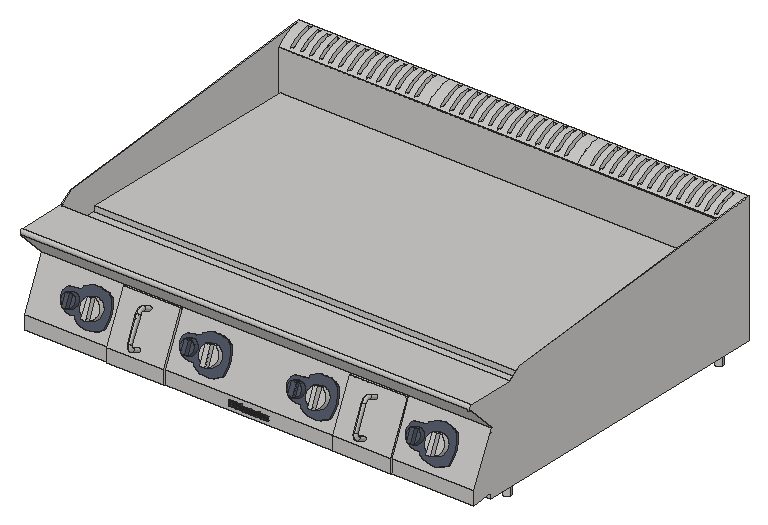
Revit family "QF_ELECTROLUXPROFESSIONAL_391405_E9IIMDAOMIA", category Specialty Equipment, Revit 2018 (continued)
Automatic sketch dimensions
  curve 144 to curve 143 = 0 mm
  curve 80 to curve 76 = 0 mm
  curve 139 to plane 13 = 18.089 mm
  curve 84 to plane 13 = 18.089 mm
  curve 136 to curve 135 = 0 mm
  curve 88 to curve 84 = 0 mm
  curve 132 to curve 131 = 0 mm
  curve 92 to curve 88 = 0 mm
  curve 128 to curve 127 = 0 mm
  curve 96 to curve 92 = 0 mm
  curve 124 to curve 123 = 0 mm
  curve 100 to curve 96 = 0 mm
  curve 120 to curve 119 = 0 mm
  curve 104 to curve 100 = 0 mm
  curve 116 to curve 115 = 0 mm
  curve 108 to curve 104 = 0 mm
  plane 1 "BACK" to curve 110 = 6.761 mm
  plane 1 "BACK" to curve 113 = 6.761 mm
  plane 1 "BACK" to curve 103 = 6.761 mm
  plane 1 "BACK" to curve 99 = 6.761 mm
  plane 1 "BACK" to curve 125 = 6.761 mm
  plane 1 "BACK" to curve 95 = 6.761 mm
  plane 1 "BACK" to curve 91 = 6.761 mm
  plane 1 "BACK" to curve 87 = 6.761 mm
  plane 1 "BACK" to curve 145 = 6.761 mm
  plane 1 "BACK" to curve 67 = 6.761 mm
  plane 1 "BACK" to curve 157 = 6.761 mm
  plane 1 "BACK" to curve 63 = 6.761 mm
  plane 1 "BACK" to curve 59 = 6.761 mm
  plane 1 "BACK" to curve 165 = 6.761 mm
  plane 1 "BACK" to curve 169 = 6.761 mm
  plane 1 "BACK" to curve 51 = 6.761 mm
  plane 1 "BACK" to curve 47 = 6.761 mm
  plane 1 "BACK" to curve 181 = 6.761 mm
  plane 1 "BACK" to curve 39 = 6.761 mm
  plane 1 "BACK" to curve 185 = 6.761 mm
  plane 1 "BACK" to curve 31 = 6.761 mm
  curve 197 to plane 1 "BACK" = 100 mm
  Extrusion 1 sketch curve to plane 12 = 0 mm
  Extrusion 1 sketch curve to plane 9 = 0 mm
  Extrusion 1 sketch curve to plane 1 "BACK" = 0 mm
  plane 14 to Extrusion 1 sketch curve = 5 mm
  Extrusion 1 sketch curve to Extrusion 1 sketch curve = 62.044 mm
  Extrusion 1 sketch curve to plane 5 "FRONT" = 69.972 mm
  Extrusion 1 sketch curve to plane 5 "FRONT" = 15 mm
  Extrusion 1 sketch curve to plane 5 "FRONT" = 7.361 mm
  Extrusion 1 sketch curve to plane 5 "FRONT" = 2.156 mm
  plane 9 to Extrusion 1 sketch curve = 6.922 mm
  Extrusion 1 sketch curve to Extrusion 1 sketch curve = 12.7 mm
  Extrusion 1 sketch curve to Extrusion 1 sketch curve = 34.792 mm
  Extrusion 1 sketch curve to plane 12 = 83.366 mm
  Extrusion 1 sketch curve to plane 12 = 60 mm
  Extrusion 1 sketch curve to plane 12 = 12.566 mm
  Extrusion 2 sketch curve to plane 11 = 0 mm  (x2)
  Extrusion 2 sketch curve to plane 10 = 0 mm  (x2)
  plane 14 to Extrusion 2 sketch curve = 0 mm  (x2)
  plane 13 to Extrusion 2 sketch curve = 0 mm  (x2)
  plane 9 to Extrusion 3 sketch curve = 11.563 mm
  plane 9 to Extrusion 3 sketch curve = 16.604 mm
  plane 7 "Center Y" to Extrusion 3 sketch curve = 4.232 mm
  Extrusion 3 sketch curve to Extrusion 3 sketch curve = 5.06 mm
  Extrusion 3 sketch curve to Extrusion 3 sketch curve = 0 mm  (x28)
  Extrusion 3 sketch curve to Extrusion 3 sketch curve = 5.108 mm  (x2)
  Extrusion 3 sketch curve to Extrusion 3 sketch curve = 0.054 mm
  Extrusion 3 sketch curve to Extrusion 3 sketch curve = 0.218 mm
  Extrusion 3 sketch curve to Extrusion 3 sketch curve = 0.195 mm
  Extrusion 3 sketch curve to Extrusion 3 sketch curve = 0.249 mm
  plane 9 to Extrusion 3 sketch curve = 16.921 mm
  Extrusion 3 sketch curve to Extrusion 3 sketch curve = 0.087 mm
  Extrusion 3 sketch curve to Extrusion 3 sketch curve = 0.358 mm
  Extrusion 3 sketch curve to Extrusion 3 sketch curve = 0.481 mm
  Extrusion 3 sketch curve to Extrusion 3 sketch curve = 0.597 mm
  Extrusion 3 sketch curve to Extrusion 3 sketch curve = 0.544 mm
  Extrusion 3 sketch curve to Extrusion 3 sketch curve = 0.936 mm
  Extrusion 3 sketch curve to Extrusion 3 sketch curve = 0.594 mm
  Extrusion 3 sketch curve to Extrusion 3 sketch curve = 0.343 mm
  Extrusion 3 sketch curve to Extrusion 3 sketch curve = 0.159 mm
  Extrusion 3 sketch curve to Extrusion 3 sketch curve = 0.826 mm
  Extrusion 3 sketch curve to Extrusion 3 sketch curve = 0.839 mm
  Extrusion 3 sketch curve to Extrusion 3 sketch curve = 0.852 mm
  Extrusion 3 sketch curve to Extrusion 3 sketch curve = 0.887 mm
  Extrusion 3 sketch curve to Extrusion 3 sketch curve = 0.928 mm
  Extrusion 3 sketch curve to Extrusion 3 sketch curve = 0.938 mm
  Extrusion 3 sketch curve to Extrusion 3 sketch curve = 0.444 mm
  Extrusion 3 sketch curve to Extrusion 3 sketch curve = 1.11 mm  (x3)
  Extrusion 3 sketch curve to Extrusion 3 sketch curve = 0.215 mm
  Extrusion 3 sketch curve to plane 7 "Center Y" = 1.405 mm
  Extrusion 3 sketch curve to Extrusion 3 sketch curve = 1.43 mm
  Extrusion 3 sketch curve to Extrusion 3 sketch curve = 1.188 mm
  Extrusion 3 sketch curve to Extrusion 3 sketch curve = 1.21 mm  (x2)
  Extrusion 3 sketch curve to Extrusion 3 sketch curve = 0.503 mm
  Extrusion 3 sketch curve to Extrusion 3 sketch curve = 0.488 mm
  Extrusion 3 sketch curve to Extrusion 3 sketch curve = 0.462 mm
  Extrusion 3 sketch curve to Extrusion 3 sketch curve = 1.386 mm
  Extrusion 3 sketch curve to Extrusion 3 sketch curve = 1.742 mm  (x2)
  Extrusion 3 sketch curve to Extrusion 3 sketch curve = 0.821 mm
  Extrusion 3 sketch curve to Extrusion 3 sketch curve = 0.497 mm
  Extrusion 3 sketch curve to Extrusion 3 sketch curve = 0.539 mm
  Extrusion 3 sketch curve to Extrusion 3 sketch curve = 0.199 mm
  Extrusion 3 sketch curve to Extrusion 3 sketch curve = 0.408 mm
  Extrusion 3 sketch curve to Extrusion 3 sketch curve = 0.528 mm
  Extrusion 3 sketch curve to Extrusion 3 sketch curve = 1.16 mm
  Extrusion 3 sketch curve to Extrusion 3 sketch curve = 0.329 mm
  Extrusion 3 sketch curve to Extrusion 3 sketch curve = 1.054 mm
  Extrusion 3 sketch curve to Extrusion 3 sketch curve = 1.056 mm
  Extrusion 3 sketch curve to Extrusion 3 sketch curve = 0.129 mm
  Extrusion 3 sketch curve to Extrusion 3 sketch curve = 0.489 mm
  Extrusion 3 sketch curve to Extrusion 3 sketch curve = 0.441 mm
  Extrusion 3 sketch curve to Extrusion 3 sketch curve = 1.151 mm
  Extrusion 3 sketch curve to Extrusion 3 sketch curve = 1.141 mm  (x2)
  Extrusion 3 sketch curve to Extrusion 3 sketch curve = 1.23 mm
  Extrusion 3 sketch curve to Extrusion 3 sketch curve = 1.653 mm
  Extrusion 3 sketch curve to Extrusion 3 sketch curve = 0.499 mm
  Extrusion 3 sketch curve to Extrusion 3 sketch curve = 0.964 mm
  Extrusion 3 sketch curve to Extrusion 3 sketch curve = 0.949 mm
  Extrusion 3 sketch curve to Extrusion 3 sketch curve = 1.345 mm  (x2)
  Extrusion 3 sketch curve to Extrusion 3 sketch curve = 0.137 mm  (x2)
  Extrusion 3 sketch curve to Extrusion 3 sketch curve = 0.432 mm
  Extrusion 3 sketch curve to Extrusion 3 sketch curve = 1.142 mm
  Extrusion 3 sketch curve to Extrusion 3 sketch curve = 0.959 mm
  Extrusion 3 sketch curve to Extrusion 3 sketch curve = 0.176 mm
  Extrusion 3 sketch curve to Extrusion 3 sketch curve = 0.728 mm
  Extrusion 3 sketch curve to Extrusion 3 sketch curve = 3.375 mm  (x2)
  Extrusion 3 sketch curve to Extrusion 3 sketch curve = 0.541 mm
  Extrusion 3 sketch curve to Extrusion 3 sketch curve = 0.955 mm
  Extrusion 3 sketch curve to Extrusion 3 sketch curve = 1.251 mm
  Extrusion 3 sketch curve to Extrusion 3 sketch curve = 0.572 mm
  Extrusion 3 sketch curve to Extrusion 3 sketch curve = 1.92 mm
  Extrusion 3 sketch curve to Extrusion 3 sketch curve = 1.224 mm
  Extrusion 3 sketch curve to Extrusion 3 sketch curve = 0.745 mm
  Extrusion 3 sketch curve to Extrusion 3 sketch curve = 2.537 mm
  Extrusion 3 sketch curve to Extrusion 3 sketch curve = 0.896 mm  (x3)
  Extrusion 3 sketch curve to Extrusion 3 sketch curve = 0.036 mm
  Extrusion 3 sketch curve to Extrusion 3 sketch curve = 2.607 mm
  Extrusion 3 sketch curve to Extrusion 3 sketch curve = 0.066 mm
  Extrusion 3 sketch curve to Extrusion 3 sketch curve = 0.248 mm
  Extrusion 3 sketch curve to Extrusion 3 sketch curve = 0.449 mm
  Extrusion 3 sketch curve to Extrusion 3 sketch curve = 1.052 mm
  Extrusion 3 sketch curve to Extrusion 3 sketch curve = 1.863 mm
  Extrusion 3 sketch curve to Extrusion 3 sketch curve = 1.31 mm  (x2)
  Extrusion 3 sketch curve to Extrusion 3 sketch curve = 0.901 mm
  Extrusion 3 sketch curve to Extrusion 3 sketch curve = 1.107 mm
  Extrusion 3 sketch curve to Extrusion 3 sketch curve = 2.122 mm
  Extrusion 3 sketch curve to Extrusion 3 sketch curve = 2.101 mm
  Extrusion 3 sketch curve to Extrusion 3 sketch curve = 0.106 mm
  Extrusion 3 sketch curve to Extrusion 3 sketch curve = 0.029 mm
  Extrusion 3 sketch curve to Extrusion 3 sketch curve = 2.09 mm
  Extrusion 3 sketch curve to Extrusion 3 sketch curve = 1.279 mm
  Extrusion 3 sketch curve to Extrusion 3 sketch curve = 2.008 mm
  Extrusion 3 sketch curve to Extrusion 3 sketch curve = 0.738 mm
  Extrusion 3 sketch curve to Extrusion 3 sketch curve = 0.382 mm
  Extrusion 3 sketch curve to Extrusion 3 sketch curve = 0.384 mm
  Extrusion 3 sketch curve to Extrusion 3 sketch curve = 0.002 mm
  Extrusion 3 sketch curve to Extrusion 3 sketch curve = 0.561 mm
  Extrusion 3 sketch curve to Extrusion 3 sketch curve = 0.592 mm
  Extrusion 3 sketch curve to Extrusion 3 sketch curve = 2.692 mm
  Extrusion 3 sketch curve to Extrusion 3 sketch curve = 1.259 mm
  Extrusion 3 sketch curve to Extrusion 3 sketch curve = 0.802 mm
  Extrusion 3 sketch curve to Extrusion 3 sketch curve = 1.024 mm
  Extrusion 3 sketch curve to Extrusion 3 sketch curve = 0.682 mm
  Extrusion 3 sketch curve to Extrusion 3 sketch curve = 5.934 mm
  Extrusion 3 sketch curve to Extrusion 3 sketch curve = 2.186 mm
  Extrusion 3 sketch curve to Extrusion 3 sketch curve = 0.337 mm
  Extrusion 3 sketch curve to Extrusion 3 sketch curve = 0.021 mm
  Extrusion 3 sketch curve to Extrusion 3 sketch curve = 1.005 mm
  Extrusion 3 sketch curve to Extrusion 3 sketch curve = 0.552 mm
  Extrusion 3 sketch curve to Extrusion 3 sketch curve = 0.778 mm
  Extrusion 3 sketch curve to Extrusion 3 sketch curve = 0.063 mm
  Extrusion 3 sketch curve to Extrusion 3 sketch curve = 1.023 mm
  Extrusion 3 sketch curve to Extrusion 3 sketch curve = 3.804 mm
  Extrusion 3 sketch curve to Extrusion 3 sketch curve = 0.486 mm
  Extrusion 3 sketch curve to Extrusion 3 sketch curve = 0.266 mm  (x2)
  Extrusion 3 sketch curve to Extrusion 3 sketch curve = 1.547 mm
  Extrusion 3 sketch curve to Extrusion 3 sketch curve = 0.717 mm  (x2)
  Extrusion 3 sketch curve to Extrusion 3 sketch curve = 1.667 mm
  Extrusion 3 sketch curve to Extrusion 3 sketch curve = 3.174 mm
  Extrusion 3 sketch curve to Extrusion 3 sketch curve = 0.388 mm
  Extrusion 3 sketch curve to Extrusion 3 sketch curve = 1.342 mm
  Extrusion 3 sketch curve to Extrusion 3 sketch curve = 1.521 mm
  Extrusion 3 sketch curve to Extrusion 3 sketch curve = 0.124 mm
  Extrusion 3 sketch curve to Extrusion 3 sketch curve = 0.291 mm
  plane 7 "Center Y" to Extrusion 3 sketch curve = 5.548 mm
  Extrusion 3 sketch curve to Extrusion 3 sketch curve = 1.049 mm  (x2)
  Extrusion 3 sketch curve to Extrusion 3 sketch curve = 1.7 mm
  Extrusion 3 sketch curve to Extrusion 3 sketch curve = 0.894 mm
  Extrusion 3 sketch curve to Extrusion 3 sketch curve = 0.989 mm
  Extrusion 3 sketch curve to Extrusion 3 sketch curve = 1.168 mm
  Extrusion 3 sketch curve to Extrusion 3 sketch curve = 1.594 mm
  Extrusion 3 sketch curve to Extrusion 3 sketch curve = 0.731 mm
  Extrusion 3 sketch curve to Extrusion 3 sketch curve = 1.566 mm
  Extrusion 3 sketch curve to Extrusion 3 sketch curve = 0.064 mm
  plane 7 "Center Y" to Extrusion 3 sketch curve = 6.105 mm
  Extrusion 3 sketch curve to Extrusion 3 sketch curve = 0.556 mm  (x2)
  Extrusion 3 sketch curve to Extrusion 3 sketch curve = 0.48 mm
  Extrusion 3 sketch curve to Extrusion 3 sketch curve = 0.228 mm
  Extrusion 3 sketch curve to Extrusion 3 sketch curve = 1.018 mm
  Extrusion 3 sketch curve to Extrusion 3 sketch curve = 0.787 mm
  Extrusion 3 sketch curve to Extrusion 3 sketch curve = 0.618 mm
  Extrusion 3 sketch curve to Extrusion 3 sketch curve = 1.672 mm
  Extrusion 3 sketch curve to Extrusion 3 sketch curve = 1.361 mm
  Extrusion 3 sketch curve to Extrusion 3 sketch curve = 0.822 mm
  Extrusion 3 sketch curve to Extrusion 3 sketch curve = 0.069 mm
  Extrusion 3 sketch curve to Extrusion 3 sketch curve = 1.88 mm
  Extrusion 3 sketch curve to Extrusion 3 sketch curve = 0.42 mm
  Extrusion 3 sketch curve to Extrusion 3 sketch curve = 0.062 mm
  Extrusion 3 sketch curve to Extrusion 3 sketch curve = 1.355 mm
  Extrusion 3 sketch curve to Extrusion 3 sketch curve = 2.34 mm
  Extrusion 3 sketch curve to Extrusion 3 sketch curve = 0.493 mm
  Extrusion 3 sketch curve to Extrusion 3 sketch curve = 0.136 mm
  Extrusion 3 sketch curve to Extrusion 3 sketch curve = 0.128 mm
  Extrusion 3 sketch curve to Extrusion 3 sketch curve = 3.616 mm
  Extrusion 3 sketch curve to Extrusion 3 sketch curve = 4.207 mm
  Extrusion 3 sketch curve to Extrusion 3 sketch curve = 0.183 mm
  Extrusion 3 sketch curve to Extrusion 3 sketch curve = 0.895 mm
  Extrusion 3 sketch curve to Extrusion 3 sketch curve = 1.314 mm
  Extrusion 3 sketch curve to Extrusion 3 sketch curve = 3.231 mm
  Extrusion 3 sketch curve to Extrusion 3 sketch curve = 1.299 mm
  Extrusion 3 sketch curve to Extrusion 3 sketch curve = 1.214 mm
  Extrusion 3 sketch curve to Extrusion 3 sketch curve = 1.264 mm
  Extrusion 3 sketch curve to Extrusion 3 sketch curve = 0.109 mm
  Extrusion 3 sketch curve to Extrusion 3 sketch curve = 0.357 mm
  Extrusion 3 sketch curve to Extrusion 3 sketch curve = 0.565 mm
  Extrusion 3 sketch curve to Extrusion 3 sketch curve = 2.504 mm
  Extrusion 3 sketch curve to Extrusion 3 sketch curve = 2.459 mm
  Extrusion 3 sketch curve to Extrusion 3 sketch curve = 1.322 mm
  Extrusion 3 sketch curve to Extrusion 3 sketch curve = 2.77 mm
  Extrusion 3 sketch curve to Extrusion 3 sketch curve = 2.51 mm
  Extrusion 3 sketch curve to Extrusion 3 sketch curve = 0.187 mm
  Extrusion 3 sketch curve to Extrusion 3 sketch curve = 2.559 mm
  Extrusion 3 sketch curve to Extrusion 3 sketch curve = 1.556 mm
  Extrusion 3 sketch curve to Extrusion 3 sketch curve = 0.222 mm
  Extrusion 3 sketch curve to Extrusion 3 sketch curve = 1.383 mm
  Extrusion 3 sketch curve to Extrusion 3 sketch curve = 3.114 mm
  Extrusion 3 sketch curve to Extrusion 3 sketch curve = 3.376 mm
  Extrusion 3 sketch curve to Extrusion 3 sketch curve = 0.934 mm
  Extrusion 3 sketch curve to Extrusion 3 sketch curve = 0.191 mm
  Extrusion 3 sketch curve to Extrusion 3 sketch curve = 3.696 mm
  Extrusion 3 sketch curve to Extrusion 3 sketch curve = 2.708 mm
  Extrusion 3 sketch curve to Extrusion 3 sketch curve = 3.333 mm
  Extrusion 3 sketch curve to Extrusion 3 sketch curve = 0.332 mm
  Extrusion 3 sketch curve to Extrusion 3 sketch curve = 1.087 mm
  Extrusion 3 sketch curve to Extrusion 3 sketch curve = 2.23 mm
  Extrusion 3 sketch curve to Extrusion 3 sketch curve = 2.757 mm
  Extrusion 3 sketch curve to Extrusion 3 sketch curve = 0.987 mm
  Extrusion 3 sketch curve to Extrusion 3 sketch curve = 1.529 mm
  Extrusion 3 sketch curve to Extrusion 3 sketch curve = 1.796 mm
  Extrusion 3 sketch curve to Extrusion 3 sketch curve = 2.859 mm
  Extrusion 3 sketch curve to Extrusion 3 sketch curve = 0.853 mm
  Extrusion 3 sketch curve to Extrusion 3 sketch curve = 1.241 mm
  Extrusion 3 sketch curve to Extrusion 3 sketch curve = 2.046 mm  (x2)
  Extrusion 3 sketch curve to Extrusion 3 sketch curve = 2.422 mm
  Extrusion 3 sketch curve to Extrusion 3 sketch curve = 0.27 mm  (x2)
  Extrusion 3 sketch curve to Extrusion 3 sketch curve = 0.69 mm
  Extrusion 3 sketch curve to Extrusion 3 sketch curve = 0.781 mm  (x2)
  Extrusion 3 sketch curve to Extrusion 3 sketch curve = 3.136 mm
  Extrusion 3 sketch curve to Extrusion 3 sketch curve = 1.767 mm
  Extrusion 3 sketch curve to Extrusion 3 sketch curve = 0.138 mm
  Extrusion 3 sketch curve to Extrusion 3 sketch curve = 0.777 mm
  Extrusion 3 sketch curve to Extrusion 3 sketch curve = 1.19 mm
  Extrusion 3 sketch curve to Extrusion 3 sketch curve = 0.782 mm
  Extrusion 3 sketch curve to Extrusion 3 sketch curve = 1.268 mm
  Extrusion 3 sketch curve to Extrusion 3 sketch curve = 0.422 mm  (x2)
  Extrusion 3 sketch curve to Extrusion 3 sketch curve = 1.559 mm
  Extrusion 3 sketch curve to Extrusion 3 sketch curve = 3.927 mm
  Extrusion 3 sketch curve to Extrusion 3 sketch curve = 0.983 mm
  Extrusion 3 sketch curve to Extrusion 3 sketch curve = 1.134 mm
  Extrusion 3 sketch curve to Extrusion 3 sketch curve = 0.094 mm
  Extrusion 3 sketch curve to Extrusion 3 sketch curve = 1.584 mm
  Extrusion 3 sketch curve to plane 7 "Center Y" = 1.098 mm
  Extrusion 3 sketch curve to Extrusion 3 sketch curve = 0.643 mm
  Extrusion 3 sketch curve to Extrusion 3 sketch curve = 0.916 mm
  Extrusion 3 sketch curve to Extrusion 3 sketch curve = 0.352 mm
  Extrusion 3 sketch curve to Extrusion 3 sketch curve = 0.458 mm
  Extrusion 3 sketch curve to Extrusion 3 sketch curve = 1.282 mm
  Extrusion 3 sketch curve to Extrusion 3 sketch curve = 1.363 mm
  Extrusion 3 sketch curve to Extrusion 3 sketch curve = 0.685 mm
  Extrusion 3 sketch curve to Extrusion 3 sketch curve = 0.905 mm
  Extrusion 3 sketch curve to Extrusion 3 sketch curve = 2.865 mm
  Extrusion 3 sketch curve to Extrusion 3 sketch curve = 0.472 mm
  Extrusion 3 sketch curve to Extrusion 3 sketch curve = 0.101 mm
  Extrusion 3 sketch curve to Extrusion 3 sketch curve = 0.54 mm
  Extrusion 3 sketch curve to Extrusion 3 sketch curve = 0.02 mm
  Extrusion 3 sketch curve to Extrusion 3 sketch curve = 0.468 mm
  Extrusion 3 sketch curve to Extrusion 3 sketch curve = 0.829 mm
  Extrusion 3 sketch curve to Extrusion 3 sketch curve = 0.582 mm
  Extrusion 3 sketch curve to Extrusion 3 sketch curve = 0.166 mm
  Extrusion 3 sketch curve to Extrusion 3 sketch curve = 0.16 mm
  Extrusion 3 sketch curve to Extrusion 3 sketch curve = 2.781 mm
  Extrusion 3 sketch curve to Extrusion 3 sketch curve = 1.118 mm
  Extrusion 3 sketch curve to Extrusion 3 sketch curve = 0.613 mm
  Extrusion 3 sketch curve to Extrusion 3 sketch curve = 0.361 mm
  Extrusion 3 sketch curve to Extrusion 3 sketch curve = 0.897 mm
  Extrusion 3 sketch curve to Extrusion 3 sketch curve = 0.167 mm
  Extrusion 3 sketch curve to Extrusion 3 sketch curve = 0.292 mm
  Extrusion 3 sketch curve to Extrusion 3 sketch curve = 0.305 mm
  Extrusion 3 sketch curve to Extrusion 3 sketch curve = 1.557 mm
  Extrusion 3 sketch curve to Extrusion 3 sketch curve = 2.499 mm
  Extrusion 3 sketch curve to Extrusion 3 sketch curve = 3.062 mm
  Extrusion 3 sketch curve to Extrusion 3 sketch curve = 2.968 mm
  Extrusion 3 sketch curve to Extrusion 3 sketch curve = 5.044 mm
  Extrusion 3 sketch curve to Extrusion 3 sketch curve = 0.629 mm  (x2)
  Extrusion 3 sketch curve to Extrusion 3 sketch curve = 1.131 mm
  Extrusion 3 sketch curve to Extrusion 3 sketch curve = 0.027 mm
  Extrusion 3 sketch curve to Extrusion 3 sketch curve = 2.235 mm
  Extrusion 4 sketch curve to plane 12 = 0 mm
  Extrusion 4 sketch curve to plane 1 "BACK" = 0 mm
  Extrusion 4 sketch curve to plane 6 "TOP" = 0 mm
  Extrusion 4 sketch curve to plane 18 = 21.596 mm
  plane 14 to Extrusion 4 sketch curve = 5 mm
  Extrusion 4 sketch curve to plane 12 = 60 mm
  plane 12 to Extrusion 4 sketch curve = 21.916 mm
  Extrusion 5 sketch curve to plane 1 "BACK" = 0 mm
  Extrusion 5 sketch curve to plane 12 = 0 mm
  Extrusion 5 sketch curve to plane 6 "TOP" = 0 mm
  Extrusion 5 sketch curve to plane 18 = 21.596 mm
  plane 14 to Extrusion 5 sketch curve = 5 mm
  Extrusion 5 sketch curve to plane 12 = 60 mm
  plane 12 to Extrusion 5 sketch curve = 21.916 mm
  Extrusion 6 sketch curve to plane 1 "BACK" = 0 mm
  Extrusion 6 sketch curve to plane 6 "TOP" = 0 mm
  Extrusion 6 sketch curve to plane 13 = 12.15 mm
  Extrusion 6 sketch curve to plane 1 "BACK" = 5.211 mm
  Extrusion 6 sketch curve to plane 6 "TOP" = 31.7 mm
  plane 1 "BACK" to Extrusion 7 sketch curve = 6.761 mm  (x14)
  Extrusion 7 sketch curve to plane 13 = 18.089 mm  (x7)
  Extrusion 7 sketch curve to Extrusion 7 sketch curve = 0 mm  (x7)
  Extrusion 7 sketch curve to plane 11 = 18.703 mm
  Extrusion 7 sketch curve to Extrusion 7 sketch curve = 9.296 mm  (x14)
  Extrusion 7 sketch curve to Extrusion 7 sketch curve = 16.193 mm  (x13)
  Extrusion 8 sketch curve to plane 1 "BACK" = 0 mm
  Extrusion 8 sketch curve to plane 6 "TOP" = 0 mm
  Extrusion 8 sketch curve to plane 13 = 12.15 mm
  Extrusion 8 sketch curve to plane 1 "BACK" = 5.211 mm
  Extrusion 8 sketch curve to plane 6 "TOP" = 31.7 mm
  plane 1 "BACK" to Extrusion 9 sketch curve = 6.761 mm  (x14)
  Extrusion 9 sketch curve to plane 13 = 18.089 mm  (x7)
  Extrusion 9 sketch curve to plane 7 "Center Y" = 8.021 mm
  Extrusion 9 sketch curve to Extrusion 9 sketch curve = 0 mm  (x7)
  Extrusion 9 sketch curve to Extrusion 9 sketch curve = 9.296 mm  (x14)
  Extrusion 9 sketch curve to Extrusion 9 sketch curve = 16.193 mm  (x12)
  plane 7 "Center Y" to Extrusion 9 sketch curve = 8.171 mm
  Extrusion 10 sketch curve to plane 1 "BACK" = 0 mm
  Extrusion 10 sketch curve to plane 6 "TOP" = 0 mm
  Extrusion 10 sketch curve to plane 13 = 12.15 mm
  Extrusion 10 sketch curve to plane 1 "BACK" = 5.211 mm
  Extrusion 10 sketch curve to plane 6 "TOP" = 31.7 mm
  plane 1 "BACK" to Extrusion 11 sketch curve = 6.761 mm  (x14)
  Extrusion 11 sketch curve to plane 13 = 18.089 mm  (x7)
  Extrusion 11 sketch curve to Extrusion 11 sketch curve = 0 mm  (x7)
  plane 7 "Center Y" to Extrusion 11 sketch curve = 229.803 mm
  Extrusion 11 sketch curve to Extrusion 11 sketch curve = 9.296 mm  (x14)
  Extrusion 11 sketch curve to Extrusion 11 sketch curve = 16.193 mm  (x13)
  plane 18 to Extrusion 12 sketch curve = 50.044 mm
  Extrusion 12 sketch curve to plane 13 = 10.485 mm
  Extrusion 12 sketch curve to plane 12 = 60 mm
  Extrusion 12 sketch curve to Extrusion 12 sketch curve = 15 mm
  Extrusion 1 to Extrusion 13 sketch curve = 0 mm
  Extrusion 1 to Extrusion 13 sketch curve = 1.6 mm  (x2)
  Extrusion 1 to Extrusion 13 sketch curve = 71.515 mm
  Extrusion 14 sketch curve to plane 5 "FRONT" = 11.8 mm
  Extrusion 14 sketch curve to Extrusion 14 sketch curve = 3.2 mm
  Extrusion 14 sketch curve to plane 5 "FRONT" = 68.449 mm
  Extrusion 14 sketch curve to Extrusion 14 sketch curve = 2.907 mm
  plane 9 to Extrusion 14 sketch curve = 6.922 mm
  Extrusion 14 sketch curve to Extrusion 14 sketch curve = 34.792 mm
  Extrusion 14 sketch curve to Extrusion 14 sketch curve = 0.701 mm
  plane 9 to Extrusion 15 sketch curve = 6.922 mm
  plane 17 to Extrusion 15 sketch curve = 24.406 mm
  plane 17 to Extrusion 15 sketch curve = 81.055 mm
  Extrusion 15 sketch curve to plane 5 "FRONT" = 11.8 mm
  Extrusion 15 sketch curve to plane 5 "FRONT" = 68.449 mm
  Extrusion 15 sketch curve to Extrusion 15 sketch curve = 35.493 mm  (x2)
  Extrusion 15 sketch curve to plane 12 = 85.504 mm
  Extrusion 16 sketch curve to plane 5 "FRONT" = 11.8 mm
  Extrusion 16 sketch curve to Extrusion 16 sketch curve = 3.2 mm
  Extrusion 16 sketch curve to plane 5 "FRONT" = 68.449 mm
  Extrusion 16 sketch curve to Extrusion 16 sketch curve = 2.907 mm
  Extrusion 16 sketch curve to plane 12 = 85.504 mm
  Extrusion 16 sketch curve to Extrusion 16 sketch curve = 1.338 mm
  plane 9 to Extrusion 16 sketch curve = 6.922 mm
  plane 17 to Extrusion 17 sketch curve = 24.406 mm
  plane 17 to Extrusion 17 sketch curve = 81.055 mm
  Extrusion 17 sketch curve to plane 5 "FRONT" = 11.8 mm
  Extrusion 17 sketch curve to plane 5 "FRONT" = 68.449 mm
  Extrusion 17 sketch curve to plane 12 = 85.504 mm
  plane 9 to Extrusion 17 sketch curve = 42.415 mm  (x2)
  plane 9 to Extrusion 17 sketch curve = 6.922 mm
  Extrusion 18 sketch curve to Extrusion 18 sketch curve = 0 mm  (x2)
  Extrusion 18 sketch curve to plane 7 "Center Y" = 150.643 mm
  Extrusion 18 sketch curve to Extrusion 18 sketch curve = 112.63 mm
  Extrusion 18 sketch curve to Extrusion 18 sketch curve = 1.398 mm
  Extrusion 18 sketch curve to Extrusion 18 sketch curve = 5.918 mm
  Extrusion 18 sketch curve to Extrusion 18 sketch curve = 7.825 mm
  Extrusion 18 sketch curve to Extrusion 18 sketch curve = 12.433 mm
  Extrusion 18 sketch curve to Extrusion 18 sketch curve = 33.329 mm
  Extrusion 18 sketch curve to Extrusion 18 sketch curve = 28.808 mm
  Extrusion 18 sketch curve to Extrusion 18 sketch curve = 2.986 mm
  Extrusion 18 sketch curve to Extrusion 18 sketch curve = 35.441 mm
  Extrusion 18 sketch curve to Extrusion 18 sketch curve = 23.969 mm
  Extrusion 18 sketch curve to Extrusion 18 sketch curve = 31.993 mm
  Extrusion 18 sketch curve to Extrusion 18 sketch curve = 0.131 mm
  Extrusion 18 sketch curve to Extrusion 18 sketch curve = 36.738 mm
  Extrusion 18 sketch curve to Extrusion 18 sketch curve = 6.105 mm
  Extrusion 18 sketch curve to plane 7 "Center Y" = 119.675 mm
  Extrusion 18 sketch curve to Extrusion 18 sketch curve = 0.002 mm
  Extrusion 18 sketch curve to Extrusion 18 sketch curve = 38.412 mm
  Extrusion 18 sketch curve to Extrusion 18 sketch curve = 39.831 mm
  Extrusion 18 sketch curve to Extrusion 18 sketch curve = 6.427 mm
  Extrusion 18 sketch curve to Extrusion 18 sketch curve = 11.842 mm
  Extrusion 20 sketch curve to Extrusion 20 sketch curve = 24.732 mm
  Extrusion 20 sketch curve to Extrusion 20 sketch curve = 0 mm
  Extrusion 22 sketch curve to Extrusion 22 sketch curve = 0 mm
  Extrusion 22 sketch curve to Extrusion 22 sketch curve = 7.232 mm  (x3)
  Extrusion 22 sketch curve to Extrusion 22 sketch curve = 17.5 mm
  Extrusion 22 sketch curve to Extrusion 22 sketch curve = 5.786 mm
  Extrusion 23 sketch curve to Extrusion 23 sketch curve = 0 mm  (x2)
  Extrusion 23 sketch curve to plane 11 = 120.857 mm
  Extrusion 23 sketch curve to Extrusion 23 sketch curve = 112.63 mm
  Extrusion 23 sketch curve to Extrusion 23 sketch curve = 1.398 mm
  Extrusion 23 sketch curve to Extrusion 23 sketch curve = 5.918 mm
  Extrusion 23 sketch curve to Extrusion 23 sketch curve = 7.825 mm
  Extrusion 23 sketch curve to Extrusion 23 sketch curve = 12.433 mm
  Extrusion 23 sketch curve to Extrusion 23 sketch curve = 33.329 mm
  Extrusion 23 sketch curve to Extrusion 23 sketch curve = 28.808 mm
  Extrusion 23 sketch curve to Extrusion 23 sketch curve = 2.986 mm
  Extrusion 23 sketch curve to Extrusion 23 sketch curve = 35.441 mm
  Extrusion 23 sketch curve to Extrusion 23 sketch curve = 23.969 mm
  Extrusion 23 sketch curve to Extrusion 23 sketch curve = 31.993 mm
  Extrusion 23 sketch curve to Extrusion 23 sketch curve = 0.131 mm
  Extrusion 23 sketch curve to Extrusion 23 sketch curve = 36.738 mm
  Extrusion 23 sketch curve to Extrusion 23 sketch curve = 6.105 mm
  Extrusion 23 sketch curve to plane 11 = 151.825 mm
  Extrusion 23 sketch curve to Extrusion 23 sketch curve = 0.002 mm
  Extrusion 23 sketch curve to Extrusion 23 sketch curve = 38.412 mm
  Extrusion 23 sketch curve to Extrusion 23 sketch curve = 39.831 mm
  Extrusion 23 sketch curve to Extrusion 23 sketch curve = 6.427 mm
  Extrusion 23 sketch curve to Extrusion 23 sketch curve = 11.842 mm
  Extrusion 25 sketch curve to Extrusion 25 sketch curve = 24.732 mm
  Extrusion 25 sketch curve to Extrusion 25 sketch curve = 0 mm
  Extrusion 27 sketch curve to Extrusion 27 sketch curve = 0 mm
  Extrusion 27 sketch curve to Extrusion 27 sketch curve = 7.232 mm  (x3)
  Extrusion 27 sketch curve to Extrusion 27 sketch curve = 17.5 mm
  Extrusion 27 sketch curve to Extrusion 27 sketch curve = 5.786 mm
  Extrusion 28 sketch curve to Extrusion 28 sketch curve = 0 mm  (x2)
  Extrusion 28 sketch curve to plane 10 = 135.793 mm
  Extrusion 28 sketch curve to Extrusion 28 sketch curve = 112.63 mm
  Extrusion 28 sketch curve to Extrusion 28 sketch curve = 1.398 mm
  Extrusion 28 sketch curve to Extrusion 28 sketch curve = 5.918 mm
  Extrusion 28 sketch curve to Extrusion 28 sketch curve = 7.825 mm
  Extrusion 28 sketch curve to Extrusion 28 sketch curve = 12.433 mm
  Extrusion 28 sketch curve to Extrusion 28 sketch curve = 33.329 mm
  Extrusion 28 sketch curve to Extrusion 28 sketch curve = 28.808 mm
  Extrusion 28 sketch curve to Extrusion 28 sketch curve = 2.986 mm
  Extrusion 28 sketch curve to Extrusion 28 sketch curve = 35.441 mm
  Extrusion 28 sketch curve to Extrusion 28 sketch curve = 23.969 mm
  Extrusion 28 sketch curve to Extrusion 28 sketch curve = 31.993 mm
  Extrusion 28 sketch curve to Extrusion 28 sketch curve = 0.131 mm
  Extrusion 28 sketch curve to Extrusion 28 sketch curve = 36.738 mm
  Extrusion 28 sketch curve to Extrusion 28 sketch curve = 6.105 mm
  Extrusion 28 sketch curve to plane 10 = 104.825 mm
  Extrusion 28 sketch curve to Extrusion 28 sketch curve = 0.002 mm
  Extrusion 28 sketch curve to Extrusion 28 sketch curve = 38.412 mm
  Extrusion 28 sketch curve to Extrusion 28 sketch curve = 39.831 mm
  Extrusion 28 sketch curve to Extrusion 28 sketch curve = 6.427 mm
  Extrusion 28 sketch curve to Extrusion 28 sketch curve = 11.842 mm
  Extrusion 30 sketch curve to Extrusion 30 sketch curve = 24.732 mm
  Extrusion 30 sketch curve to Extrusion 30 sketch curve = 0 mm
  Extrusion 32 sketch curve to Extrusion 32 sketch curve = 0 mm
  Extrusion 32 sketch curve to Extrusion 32 sketch curve = 7.232 mm  (x3)
  Extrusion 32 sketch curve to Extrusion 32 sketch curve = 17.5 mm
  Extrusion 32 sketch curve to Extrusion 32 sketch curve = 5.786 mm
  Extrusion 33 sketch curve to Extrusion 33 sketch curve = 0 mm  (x2)
  plane 7 "Center Y" to Extrusion 33 sketch curve = 135.707 mm
  Extrusion 33 sketch curve to Extrusion 33 sketch curve = 112.63 mm
  Extrusion 33 sketch curve to Extrusion 33 sketch curve = 1.398 mm
  Extrusion 33 sketch curve to Extrusion 33 sketch curve = 5.918 mm
  Extrusion 33 sketch curve to Extrusion 33 sketch curve = 7.825 mm
  Extrusion 33 sketch curve to Extrusion 33 sketch curve = 12.433 mm
  Extrusion 33 sketch curve to Extrusion 33 sketch curve = 33.329 mm
  Extrusion 33 sketch curve to Extrusion 33 sketch curve = 28.808 mm
  Extrusion 33 sketch curve to Extrusion 33 sketch curve = 2.986 mm
  Extrusion 33 sketch curve to Extrusion 33 sketch curve = 35.441 mm
  Extrusion 33 sketch curve to Extrusion 33 sketch curve = 23.969 mm
  Extrusion 33 sketch curve to Extrusion 33 sketch curve = 31.993 mm
  Extrusion 33 sketch curve to Extrusion 33 sketch curve = 0.131 mm
  Extrusion 33 sketch curve to Extrusion 33 sketch curve = 36.738 mm
  Extrusion 33 sketch curve to Extrusion 33 sketch curve = 6.105 mm
  plane 7 "Center Y" to Extrusion 33 sketch curve = 166.675 mm
  Extrusion 33 sketch curve to Extrusion 33 sketch curve = 0.002 mm
  Extrusion 33 sketch curve to Extrusion 33 sketch curve = 38.412 mm
  Extrusion 33 sketch curve to Extrusion 33 sketch curve = 39.831 mm
  Extrusion 33 sketch curve to Extrusion 33 sketch curve = 6.427 mm
  Extrusion 33 sketch curve to Extrusion 33 sketch curve = 11.842 mm
  Extrusion 35 sketch curve to Extrusion 35 sketch curve = 24.732 mm
  Extrusion 35 sketch curve to Extrusion 35 sketch curve = 0 mm
  Extrusion 37 sketch curve to Extrusion 37 sketch curve = 0 mm
  Extrusion 37 sketch curve to Extrusion 37 sketch curve = 7.232 mm  (x3)
  Extrusion 37 sketch curve to Extrusion 37 sketch curve = 17.5 mm
  Extrusion 37 sketch curve to Extrusion 37 sketch curve = 5.786 mm
  plane 17 to Sweep 38 sketch curve = 5.74 mm
  plane 17 to Sweep 38 sketch curve = 11.967 mm
  Sweep 38 sketch curve to Sweep 38 sketch curve = 11.537 mm  (x3)
  Sweep 38 sketch curve to Sweep 38 sketch curve = 20.629 mm  (x2)
  plane 17 to Sweep 38 sketch curve = 33.288 mm
  Sweep 38 sketch curve to Sweep 38 sketch curve = 5.31 mm  (x2)
  plane 9 to Sweep 38 sketch curve = 60.209 mm
  Sweep 38 sketch curve to Sweep 38 sketch curve = 9.495 mm
  Sweep 38 sketch curve to Sweep 38 sketch curve = 59.852 mm
  Sweep 38 sketch curve to Sweep 38 sketch curve = 2.042 mm
  Sweep 38 sketch curve to profile plane = 0 mm  (x2)
  plane 17 to Sweep 39 sketch curve = 5.74 mm
  plane 17 to Sweep 39 sketch curve = 11.967 mm
  Sweep 39 sketch curve to Sweep 39 sketch curve = 11.537 mm  (x2)
  Sweep 39 sketch curve to Sweep 39 sketch curve = 20.629 mm  (x2)
  plane 17 to Sweep 39 sketch curve = 33.288 mm
  Sweep 39 sketch curve to Sweep 39 sketch curve = 5.31 mm  (x2)
  Sweep 39 sketch curve to plane 12 = 98.37 mm
  Sweep 39 sketch curve to Sweep 39 sketch curve = 6.227 mm
  Sweep 39 sketch curve to Sweep 39 sketch curve = 9.495 mm  (x2)
  Sweep 39 sketch curve to Sweep 39 sketch curve = 59.852 mm
  profile plane to Sweep 39 sketch curve = 0 mm
  Sweep 39 sketch curve to profile plane = 0 mm
  plane 5 "FRONT" to Extrusion 41 sketch curve = 0 mm  (x2)
  Extrusion 41 sketch curve to plane 3 "LEFT" = 0 mm
  plane 1 "BACK" to Extrusion 41 sketch curve = 0 mm
  Extrusion 41 sketch curve to plane 4 "RIGHT" = 0 mm
  Extrusion 41 sketch curve to plane 3 "LEFT" = 150 mm
  Extrusion 41 sketch curve to plane 4 "RIGHT" = 150 mm
  Extrusion 41 sketch curve to plane 1 "BACK" = 100 mm
  plane 5 "FRONT" to Sweep 42 sketch curve = 6.866 mm
  plane 5 "FRONT" to Sweep 42 sketch curve = 0.639 mm
  Sweep 42 sketch curve to plane 5 "FRONT" = 4.671 mm
  Sweep 42 sketch curve to plane 5 "FRONT" = 19.99 mm
  Sweep 42 sketch curve to plane 5 "FRONT" = 20.682 mm
  Sweep 42 sketch curve to Sweep 42 sketch curve = 11.537 mm  (x2)
  Sweep 42 sketch curve to Sweep 42 sketch curve = 5.31 mm  (x2)
  Sweep 42 sketch curve to Sweep 42 sketch curve = 20.629 mm
  plane 9 to Sweep 42 sketch curve = 60.209 mm
  Sweep 42 sketch curve to Sweep 42 sketch curve = 9.495 mm
  Sweep 42 sketch curve to Sweep 42 sketch curve = 59.852 mm
  Sweep 42 sketch curve to Sweep 42 sketch curve = 2.042 mm
  Sweep 42 sketch curve to profile plane = 0 mm  (x2)
  plane 5 "FRONT" to Sweep 43 sketch curve = 6.866 mm
  plane 5 "FRONT" to Sweep 43 sketch curve = 0.639 mm
  Sweep 43 sketch curve to plane 5 "FRONT" = 4.671 mm
  Sweep 43 sketch curve to plane 5 "FRONT" = 19.99 mm
  Sweep 43 sketch curve to plane 5 "FRONT" = 20.682 mm
  Sweep 43 sketch curve to Sweep 43 sketch curve = 11.537 mm
  Sweep 43 sketch curve to Sweep 43 sketch curve = 5.31 mm  (x2)
  Sweep 43 sketch curve to Sweep 43 sketch curve = 20.629 mm
  Sweep 43 sketch curve to plane 12 = 98.37 mm
  Sweep 43 sketch curve to Sweep 43 sketch curve = 6.227 mm
  Sweep 43 sketch curve to Sweep 43 sketch curve = 9.495 mm  (x2)
  Sweep 43 sketch curve to Sweep 43 sketch curve = 59.852 mm
  profile plane to Sweep 43 sketch curve = 0 mm
  Sweep 43 sketch curve to profile plane = 0 mm
  Revolve 44 sketch curve to plane 1 "BACK" = 0 mm
  Revolve 44 sketch curve to Revolve 44 sketch curve = 10 mm  (x2)
  Revolve 44 sketch curve to Revolve 44 sketch curve = 25 mm
  Revolve 44 sketch curve to Revolve 44 sketch curve = 0 mm  (x2)
  Revolve 44 sketch curve to Revolve 44 sketch curve = 15 mm  (x2)
  plane 9 to Revolve 44 sketch curve = 17 mm
  Extrusion 45 sketch curve to Extrusion 1 = 50 mm  (x2)
  Extrusion 1 to Extrusion 45 sketch curve = 50 mm
  Extrusion 45 sketch curve to Extrusion 1 = 206.028 mm
  radius of curve 1 = 20 mm
  radius of curve 2 = 20 mm
  radius of Extrusion 2 sketch curve = 9.525 mm  (x4)
  radius of Extrusion 19 sketch curve = 25.4 mm
  radius of Extrusion 20 sketch curve to Extrusion 19 = 0 mm  (x2)
  radius of Extrusion 21 sketch curve = 18.37 mm
  radius of Extrusion 24 sketch curve = 25.4 mm
  radius of Extrusion 25 sketch curve to Extrusion 24 = 0 mm  (x2)
  radius of Extrusion 26 sketch curve = 18.37 mm
  radius of Extrusion 29 sketch curve = 25.4 mm
  radius of Extrusion 30 sketch curve to Extrusion 29 = 0 mm  (x2)
  radius of Extrusion 31 sketch curve = 18.37 mm
  radius of Extrusion 34 sketch curve = 25.4 mm
  radius of Extrusion 35 sketch curve to Extrusion 34 = 0 mm  (x2)
  radius of Extrusion 36 sketch curve = 18.37 mm
  radius of Sweep 38 sketch curve = 4.572 mm
  radius of Sweep 39 sketch curve = 4.572 mm
  radius of Sweep 42 sketch curve = 4.572 mm
  radius of Sweep 43 sketch curve = 4.572 mm
  radius of Extrusion 45 sketch curve = 12.7 mm  (x2)
Connectors
  electrical at (1153, 35, 41), driven by "Volts", driven by "Watts"
    settings: on Revolve 44, index 1, voltage 400 V, apparent load 0 VA, apparent load phase1 0 VA, apparent load phase2 0 VA, apparent load phase3 0 VA, power factor 1, load classification "Other", number of poles 1, system type 30, power factor state 1, is connector primary yes, connector utility no, sub classification motor no, connector description "ELECTRICAL CONNECTION"
